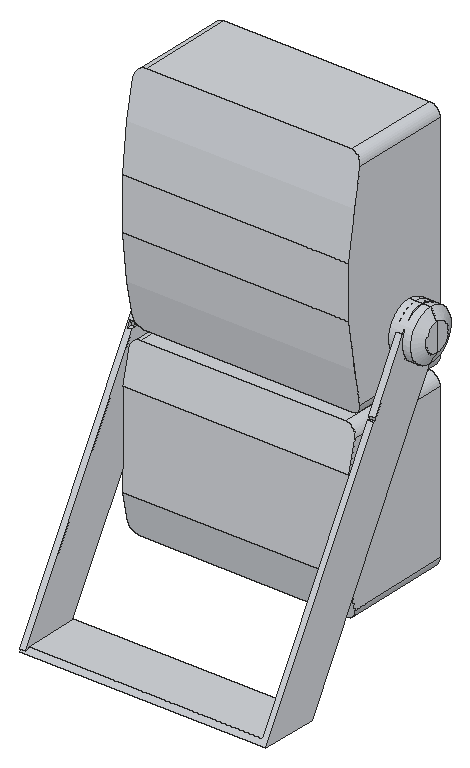
Revit family "Lighting-Floodlights-GEWISS-SMART[PRO]2.0-LED-MEDIUM-POWER_1MODULE_CLI", category Apparecchi per illuminazione, host Superficie, Revit 2019 (continued)
Types (46, lengths in mm): name | Voltage- | Versions | Unified Glare Rating | Typology | Technical sheet | Standard Deviation Colour Matching | Spostamento_x_effettivo | Spostamento_x | Regolazione inclinazione | Overvoltage resistance : | Optic : | Optic | Operating temperature: | Number of modules | Modello | Minimum distance from the illuminated object | Maximum surface exposed to the wind | Lumen output (lm) | Life Time L90B10 (Tq 50Â°C) : | Life Time L90B10 (Tq 40Â°C) | Life Time L90B10 (Tq 25Â°C) : | Life Time L80B10 (Tq 25Â°C) | Lamp- | LED current | IPEA | IDT | Flusso nominale | Efficiency (lm/W) | Descrizione | Colour temperature: | Colour temperature | Color Rendering Index | Catalogue Range
  GWP2174HS - SMART PRO 1M 4000K CRI70 TYPE C3 1-10V | "220 / 240 V - 50 / 60 Hz" | "4000K natural light" | "G*6 - ULOR = 0" | "Stand Alone - 1/10V" | "https://www.gewiss.com/ww/en/search?q=GWP2174HS" | "SDCM = 5" | 2938.794 | 1061.206 | "-120° ÷ + 120° Bracket" | "Common mode: 10KV; Differential mode: 6KV" | "Polished quartz and metallized PC HT reflector" | "C3 - Circular 20°" | "-30 +40 °C" | "1" | "GWP2174HS" | "1M" | "0,085M2" | "20500" | "" | "40000 H" | ">50000 H" | ">110000 H" | "LED" | "0,7 A" | "ROAD = A ++ // LARGE AREAS = A6 + // CYCLOPEDONALS = A3 + // GREEN AREAS = A3 + // HISTORICAL CENTER = A8 + // OTHER = A8 +" | "7705bac4f3f4416497bb4ba6fe69ea30" | "24000" | "124" | "SMART PRO 1M 4000K CRI70 TYPE C3 1-10V" | "4000 K (CRI>70)" | "4000K" | "CRI-70" | "SMART [PRO] 2.0"
  GWP2174LS - SMART PRO 1M 4000K CRI70 TYPE C2 1-10V | "220 / 240 V - 50 / 60 Hz" | "4000K natural light" | "G*6 - ULOR = 0" | "Stand Alone - 1/10V" | "https://www.gewiss.com/ww/en/search?q=GWP2174LS" | "SDCM = 5" | 2938.794 | 1061.206 | "-120° ÷ + 120° Bracket" | "Common mode: 10KV; Differential mode: 6KV" | "Polished quartz and metallized PC HT reflector" | "C2 - Circular 25°" | "-30 +40 °C" | "1" | "GWP2174LS" | "1M" | "0,085M2" | "20000" | "" | "40000 H" | ">50000 H" | ">110000 H" | "LED" | "0,7 A" | "ROAD = A ++ // LARGE AREAS = A5 + // CYCLOPEDONALS = A ++ // GREEN AREAS = A ++ // HISTORICAL CENTER = A7 + // OTHER = A7 +" | "0ad1eac7b311432d883da497278354cc" | "24000" | "121" | "SMART PRO 1M 4000K CRI70 TYPE C2 1-10V" | "4000 K (CRI>70)" | "4000K" | "CRI-70" | "SMART [PRO] 2.0"
  GWP2174MS - SMART PRO 1M 4000K CRI70 TYPE C1 1-10V | "220 / 240 V - 50 / 60 Hz" | "4000K natural light" | "G*6 - ULOR = 0" | "Stand Alone - 1/10V" | "https://www.gewiss.com/ww/en/search?q=GWP2174MS" | "SDCM = 5" | 2938.794 | 1061.206 | "-120° ÷ + 120° Bracket" | "Common mode: 10KV; Differential mode: 6KV" | "Polished quartz and metallized PC HT reflector" | "C1 - Circular 30°" | "-30 +40 °C" | "1" | "GWP2174MS" | "1M" | "0,085M2" | "20000" | "" | "40000 H" | ">50000 H" | ">110000 H" | "LED" | "0,7 A" | "ROAD = A ++ // LARGE AREAS = A5 + // CYCLOPEDONALS = A ++ // GREEN AREAS = A ++ // HISTORICAL CENTER = A7 + // OTHER = A7 +" | "729d9b534e0e4aacb05d5201ee75d054" | "24000" | "121" | "SMART PRO 1M 4000K CRI70 TYPE C1 1-10V" | "4000 K (CRI>70)" | "4000K" | "CRI-70" | "SMART [PRO] 2.0"
  GWP2175AS - SMART PRO 1M 5700K CRI70 TYPE S1 1-10V | "220 / 240 V - 50 / 60 Hz" | "5700K cold light" | "G*6 - ULOR = 0" | "Stand Alone - 1/10V" | "https://www.gewiss.com/ww/en/search?q=GWP2175AS" | "SDCM = 5" | 2938.794 | 1061.206 | "-120° ÷ + 120° Bracket" | "Common mode: 10KV; Differential mode: 6KV" | "Polished quartz and metallized PC HT reflector" | "S1 - Symmetric Wide" | "-30 +40 °C" | "1" | "GWP2175AS" | "1M" | "0,085M2" | "19600" | "" | "40000 H" | ">50000 H" | ">110000 H" | "LED" | "0,7 A" | "ROAD = A ++ // LARGE AREAS = A5 + // CYCLOPEDONALS = A ++ // GREEN AREAS = A ++ // HISTORICAL CENTER = A7 + // OTHER = A7 +" | "780930f90d754ad6b611934d0f8387bf" | "24000" | "119" | "SMART PRO 1M 5700K CRI70 TYPE S1 1-10V" | "5700 K (CRI>70)" | "5700K" | "CRI-70" | "SMART [PRO] 2.0"
  GWP2175BS - SMART PRO 1M 5700K CRI70 TYPE S2 1-10V | "220 / 240 V - 50 / 60 Hz" | "5700K cold light" | "G*6 - ULOR = 0" | "Stand Alone - 1/10V" | "https://www.gewiss.com/ww/en/search?q=GWP2175BS" | "SDCM = 5" | 2938.794 | 1061.206 | "-120° ÷ + 120° Bracket" | "Common mode: 10KV; Differential mode: 6KV" | "Polished anodised aluminum reflector with 99.99% pure aluminum" | "S2 - Symmetric Medium" | "-30 +40 °C" | "1" | "GWP2175BS" | "1M" | "0,085M2" | "20300" | "" | "40000 H" | ">50000 H" | ">110000 H" | "LED" | "0,7 A" | "ROAD = A ++ // LARGE AREAS = A6 + // CYCLOPEDONALS = A3 + // GREEN AREAS = A3 + // HISTORICAL CENTER = A7 + // OTHER = A7 +" | "ab3059496094474f875bd88c974dace3" | "24000" | "123" | "SMART PRO 1M 5700K CRI70 TYPE S2 1-10V" | "5700 K (CRI>70)" | "5700K" | "CRI-70" | "SMART [PRO] 2.0"
  GWP2175CS - SMART PRO 1M 5700K CRI70 TYPE A1 1-10V | "220 / 240 V - 50 / 60 Hz" | "5700K cold light" | "G*4 - ULOR = 0" | "Stand Alone - 1/10V" | "https://www.gewiss.com/ww/en/search?q=GWP2175CS" | "SDCM = 5" | 2938.794 | 1061.206 | "-120° ÷ + 120° Bracket" | "Common mode: 10KV; Differential mode: 6KV" | "Polished quartz and metallized PC HT reflector" | "A1 - Asymmetrical Wide" | "-30 +40 °C" | "1" | "GWP2175CS" | "1M" | "0,085M2" | "19100" | "" | "40000 H" | ">50000 H" | ">110000 H" | "LED" | "0,7 A" | "ROAD = A + // LARGE AREAS = A5 + // CYCLOPEDONALS = A ++ // GREEN AREAS = A ++ // HISTORICAL CENTER = A6 + // OTHER = A6 +" | "4dc4ad93e9c7498d9aeca5104be3769f" | "24000" | "116" | "SMART PRO 1M 5700K CRI70 TYPE A1 1-10V" | "5700 K (CRI>70)" | "5700K" | "CRI-70" | "SMART [PRO] 2.0"
  GWP2175FS - SMART PRO 1M 5700K CRI70 TYPE A2 1-10V | "220 / 240 V - 50 / 60 Hz" | "5700K cold light" | "G*3 - ULOR = 0" | "Stand Alone - 1/10V" | "https://www.gewiss.com/ww/en/search?q=GWP2175FS" | "SDCM = 5" | 2938.794 | 1061.206 | "-120° ÷ + 120° Bracket" | "Common mode: 10KV; Differential mode: 6KV" | "Polished anodised aluminum reflector with 99.99% pure aluminum" | "A2 - Asymmetrical Medium" | "-30 +40 °C" | "1" | "GWP2175FS" | "1M" | "0,085M2" | "16400" | "" | "40000 H" | ">50000 H" | ">110000 H" | "LED" | "0,7 A" | "ROAD = A // LARGE AREAS = A ++ // CYCLOPEDONALS = A // GREEN AREAS = A // HISTORICAL CENTER = A4 + // OTHER = A4 +" | "330db962b5c441c7a1fc8a0e432d3f52" | "24000" | "99" | "SMART PRO 1M 5700K CRI70 TYPE A2 1-10V" | "5700 K (CRI>70)" | "5700K" | "CRI-70" | "SMART [PRO] 2.0"
  GWP2175GS - SMART PRO 1M 5700K CRI70 TYPE C4 1-10V | "220 / 240 V - 50 / 60 Hz" | "5700K cold light" | "G*6 - ULOR = 0" | "Stand Alone - 1/10V" | "https://www.gewiss.com/ww/en/search?q=GWP2175GS" | "SDCM = 5" | 2938.794 | 1061.206 | "-120° ÷ + 120° Bracket" | "Common mode: 10KV; Differential mode: 6KV" | "Polished quartz and metallized PC HT reflector" | "C4 - Circular 15°" | "-30 +40 °C" | "1" | "GWP2175GS" | "1M" | "0,085M2" | "20500" | "" | "40000 H" | ">50000 H" | ">110000 H" | "LED" | "0,7 A" | "ROAD = A ++ // LARGE AREAS = A6 + // CYCLOPEDONALS = A3 + // GREEN AREAS = A3 + // HISTORICAL CENTER = A8 + // OTHER = A8 +" | "9aa32567f8364de48d3e14f2119a9cee" | "24000" | "124" | "SMART PRO 1M 5700K CRI70 TYPE C4 1-10V" | "5700 K (CRI>70)" | "5700K" | "CRI-70" | "SMART [PRO] 2.0"
  GWP2175HS - SMART PRO 1M 5700K CRI70 TYPE C3 1-10V | "220 / 240 V - 50 / 60 Hz" | "5700K cold light" | "G*6 - ULOR = 0" | "Stand Alone - 1/10V" | "https://www.gewiss.com/ww/en/search?q=GWP2175HS" | "SDCM = 5" | 2938.794 | 1061.206 | "-120° ÷ + 120° Bracket" | "Common mode: 10KV; Differential mode: 6KV" | "Polished quartz and metallized PC HT reflector" | "C3 - Circular 20°" | "-30 +40 °C" | "1" | "GWP2175HS" | "1M" | "0,085M2" | "20500" | "" | "40000 H" | ">50000 H" | ">110000 H" | "LED" | "0,7 A" | "ROAD = A ++ // LARGE AREAS = A6 + // CYCLOPEDONALS = A3 + // GREEN AREAS = A3 + // HISTORICAL CENTER = A8 + // OTHER = A8 +" | "dd9e76496a2c4243b3b89c067bebcde4" | "24000" | "124" | "SMART PRO 1M 5700K CRI70 TYPE C3 1-10V" | "5700 K (CRI>70)" | "5700K" | "CRI-70" | "SMART [PRO] 2.0"
  GWP2175LS - SMART PRO 1M 5700K CRI70 TYPE C2 1-10V | "220 / 240 V - 50 / 60 Hz" | "5700K cold light" | "G*6 - ULOR = 0" | "Stand Alone - 1/10V" | "https://www.gewiss.com/ww/en/search?q=GWP2175LS" | "SDCM = 5" | 2938.794 | 1061.206 | "-120° ÷ + 120° Bracket" | "Common mode: 10KV; Differential mode: 6KV" | "Polished quartz and metallized PC HT reflector" | "C2 - Circular 25°" | "-30 +40 °C" | "1" | "GWP2175LS" | "1M" | "0,085M2" | "20000" | "" | "40000 H" | ">50000 H" | ">110000 H" | "LED" | "0,7 A" | "ROAD = A ++ // LARGE AREAS = A5 + // CYCLOPEDONALS = A ++ // GREEN AREAS = A ++ // HISTORICAL CENTER = A7 + // OTHER = A7 +" | "e5e416db4ac64fcda03497278c01afaa" | "24000" | "121" | "SMART PRO 1M 5700K CRI70 TYPE C2 1-10V" | "5700 K (CRI>70)" | "5700K" | "CRI-70" | "SMART [PRO] 2.0"
  GWP2175MS - SMART PRO 1M 5700K CRI70 TYPE C1 1-10V | "220 / 240 V - 50 / 60 Hz" | "5700K cold light" | "G*6 - ULOR = 0" | "Stand Alone - 1/10V" | "https://www.gewiss.com/ww/en/search?q=GWP2175MS" | "SDCM = 5" | 2939 | 1061 | "-120° ÷ + 120° Bracket" | "Common mode: 10KV; Differential mode: 6KV" | "Polished quartz and metallized PC HT reflector" | "C1 - Circular 30°" | "-30 +40 °C" | "1" | "GWP2175MS" | "1M" | "0,085M2" | "20000" | "" | "40000 H" | ">50000 H" | ">110000 H" | "LED" | "0,7 A" | "ROAD = A ++ // LARGE AREAS = A5 + // CYCLOPEDONALS = A ++ // GREEN AREAS = A ++ // HISTORICAL CENTER = A7 + // OTHER = A7 +" | "81921acd85944d64b14f91977cfd80f8" | "24000" | "121" | "SMART PRO 1M 5700K CRI70 TYPE C1 1-10V" | "5700 K (CRI>70)" | "5700K" | "CRI-70" | "SMART [PRO] 2.0"
  GWP2173NS - SMARTPRO2.0 1M 3000K CRI70 A3 1-10V CL1 | "220 / 240 V - 50 / 60 Hz" | "3000K warm light" | "G*6 - ULOR = 0" | "Stand Alone - 1/10V" | "https://www.gewiss.com/ww/en/search?q=GWP2173NS" | "SDCM = 5" | 2938.794 | 1061.206 | "-120° ÷ + 120° Bracket" | "Common mode: 10KV; Differential mode: 6KV" | "Polished anodised aluminum reflector with 99.99% pure aluminum" | "A3 - Assymetric Narrow" | "-30 +40 °C" | "1" | "GWP2173NS" | "1M" | "0,085M2" | "17600" | "32000 H" | "" | ">40000 H" | ">90000 H" | "LED" | "0,7 A" | "ROAD = A // LARGE AREAS = A3 + // CYCLOPEDONALS = A + // GREEN AREAS = A + // HISTORICAL CENTER = A5 + // OTHER = A5 +" | "dc9ba24b3a2b406da501f2969d221a5c" | "23000" | "107" | "SMARTPRO2.0 1M 3000K CRI70 A3 1-10V CL1" | "3000 K (CRI>70)" | "3000K" | "CRI-70" | "SMART [PRO] 2.0"
  GWP2174NS - SMARTPRO2.0 1M 4000K CRI70 A3 1-10V CL1 | "220 / 240 V - 50 / 60 Hz" | "4000K natural light" | "G*6 - ULOR = 0" | "Stand Alone - 1/10V" | "https://www.gewiss.com/ww/en/search?q=GWP2174NS" | "SDCM = 5" | 2938.794 | 1061.206 | "-120° ÷ + 120° Bracket" | "Common mode: 10KV; Differential mode: 6KV" | "Polished anodised aluminum reflector with 99.99% pure aluminum" | "A3 - Assymetric Narrow" | "-30 +40 °C" | "1" | "GWP2174NS" | "1M" | "0,085M2" | "18800" | "32000 H" | "" | ">40000 H" | ">90000 H" | "LED" | "0,7 A" | "-" | "8e3035fe88074506a6a3caa6782437a1" | "24000" | "114" | "SMARTPRO2.0 1M 4000K CRI70 A3 1-10V CL1" | "4000 K (CRI>70)" | "4000K" | "CRI-70" | "SMART [PRO] 2.0"
  GWP2175NS - SMARTPRO2.0 1M 5700K CRI70 A3 1-10V CL1 | "220 / 240 V - 50 / 60 Hz" | "5700K cold light" | "G*6 - ULOR = 0" | "Stand Alone - 1/10V" | "https://www.gewiss.com/ww/en/search?q=GWP2175NS" | "SDCM = 5" | 2939 | 1061 | "-120° ÷ + 120° Bracket" | "Common mode: 10KV; Differential mode: 6KV" | "Polished anodised aluminum reflector with 99.99% pure aluminum" | "A3 - Assymetric Narrow" | "-30 +40 °C" | "1" | "GWP2175NS" | "1M" | "0,085M2" | "18800" | "32000 H" | "" | ">40000 H" | ">90000 H" | "LED" | "0,7 A" | "-" | "b2f8be9d2a0c4d1f8060cba02fb7bc08" | "24000" | "114" | "SMARTPRO2.0 1M 5700K CRI70 A3 1-10V CL1" | "5700 K (CRI>70)" | "5700K" | "CRI-70" | "SMART [PRO] 2.0"
  GWP2184AS - SMARTPRO2.0 1M 4000K CRI80 S1 1-10V CL1 | "" | "4000K natural light" | "G*6 - ULOR = 0" | "" | "https://www.gewiss.com/ww/en/search?q=GWP2184AS" | "SDCM = 3" | 2938.794 | 1061.206 | "" | "" | "Polished quartz and metallized PC HT reflector" | "S1 - Symmetric Wide" | "" | "" | "GWP2184AS" | "" | "" | "18300" | "" | "" | "" | "" | "" | "" | "-" | "cea1fee677b24c99a2f8d3bd2aa19550" | "" | "111" | "SMARTPRO2.0 1M 4000K CRI80 S1 1-10V CL1" | "" | "4000K" | "CRI-80" | ""
  GWP2184BS - SMARTPRO2.0 1M 4000K CRI80 S2 1-10V CL1 | "" | "4000K natural light" | "G*6 - ULOR = 0" | "" | "https://www.gewiss.com/ww/en/search?q=GWP2184BS" | "SDCM = 3" | 2938.794 | 1061.206 | "" | "" | "Polished anodised aluminum reflector with 99.99% pure aluminum" | "S2 - Symmetric Medium" | "" | "" | "GWP2184BS" | "" | "" | "19000" | "" | "" | "" | "" | "" | "" | "ROAD = A + // LARGE AREAS = A5 + // CYCLOPEDONALS = A ++ // GREEN AREAS = A ++ // HISTORICAL CENTER = A6 + // OTHER = A6 +" | "f1f3b5ae44f342968d919fc78b7e43f0" | "" | "115" | "SMARTPRO2.0 1M 4000K CRI80 S2 1-10V CL1" | "" | "4000K" | "CRI-80" | ""
  GWP2184CS - SMARTPRO2.0 1M 4000K CRI80 A1 1-10V CL1 | "" | "4000K natural light" | "G*4 - ULOR = 0" | "" | "https://www.gewiss.com/ww/en/search?q=GWP2184CS" | "SDCM = 3" | 2938.794 | 1061.206 | "" | "" | "Polished quartz and metallized PC HT reflector" | "A1 - Asymmetrical Wide" | "" | "" | "GWP2184CS" | "" | "" | "17800" | "" | "" | "" | "" | "" | "" | "ROAD = A + // LARGE AREAS = A3 + // CYCLOPEDONALS = A + // GREEN AREAS = A + // HISTORICAL CENTER = A5 + // OTHER = A5 +" | "6bf4dbfe39914174a725bc785b73c0ef" | "" | "108" | "SMARTPRO2.0 1M 4000K CRI80 A1 1-10V CL1" | "" | "4000K" | "CRI-80" | ""
  GWP2184FS - SMARTPRO2.0 1M 4000K CRI80 A2 1-10V CL1 | "" | "4000K natural light" | "G*3 - ULOR = 0" | "" | "https://www.gewiss.com/ww/en/search?q=GWP2184FS" | "SDCM = 3" | 2938.794 | 1061.206 | "" | "" | "Polished anodised aluminum reflector with 99.99% pure aluminum" | "A2 - Asymmetrical Medium" | "" | "" | "GWP2184FS" | "" | "" | "15300" | "" | "" | "" | "" | "" | "" | "ROAD = B // LARGE AREAS = A + // CYCLOPEDONALS = B // GREEN AREAS = B // HISTORICAL CENTER = A3 + // OTHER = A3 +" | "aa4c17c4175d4410a7eb1aa3bf474c62" | "" | "93" | "SMARTPRO2.0 1M 4000K CRI80 A2 1-10V CL1" | "" | "4000K" | "CRI-80" | ""
  GWP2184GS - SMARTPRO2.0 1M 4000K CRI80 C4 1-10V CL1 | "" | "4000K natural light" | "G*6 - ULOR = 0" | "" | "https://www.gewiss.com/ww/en/search?q=GWP2184GS" | "SDCM = 3" | 2938.794 | 1061.206 | "" | "" | "Polished quartz and metallized PC HT reflector" | "C4 - Circular 15°" | "" | "" | "GWP2184GS" | "" | "" | "19100" | "" | "" | "" | "" | "" | "" | "ROAD = A + // LARGE AREAS = A5 + // CYCLOPEDONALS = A ++ // GREEN AREAS = A ++ // HISTORICAL CENTER = A6 + // OTHER = A6 +" | "128d8783353744d2b0895af674835ef3" | "" | "116" | "SMARTPRO2.0 1M 4000K CRI80 C4 1-10V CL1" | "" | "4000K" | "CRI-80" | ""
  GWP2184HS - SMARTPRO2.0 1M 4000K CRI80 C3 1-10V CL1 | "" | "4000K natural light" | "G*6 - ULOR = 0" | "" | "https://www.gewiss.com/ww/en/search?q=GWP2184HS" | "SDCM = 3" | 2938.794 | 1061.206 | "" | "" | "Polished quartz and metallized PC HT reflector" | "C3 - Circular 20°" | "" | "" | "GWP2184HS" | "" | "" | "19100" | "" | "" | "" | "" | "" | "" | "ROAD = A + // LARGE AREAS = A5 + // CYCLOPEDONALS = A ++ // GREEN AREAS = A ++ // HISTORICAL CENTER = A6 + // OTHER = A6 +" | "23373953fd2c4660b3e16d3601165f1c" | "" | "116" | "SMARTPRO2.0 1M 4000K CRI80 C3 1-10V CL1" | "" | "4000K" | "CRI-80" | ""
  GWP2184LS - SMARTPRO2.0 1M 4000K CRI80 C2 1-10V CL1 | "" | "4000K natural light" | "G*6 - ULOR = 0" | "" | "https://www.gewiss.com/ww/en/search?q=GWP2184LS" | "SDCM = 3" | 2938.794 | 1061.206 | "" | "" | "Polished quartz and metallized PC HT reflector" | "C2 - Circular 25°" | "" | "" | "GWP2184LS" | "" | "" | "18700" | "" | "" | "" | "" | "" | "" | "-" | "f77445d55432439abe1cb9501a3cdc7a" | "" | "113" | "SMARTPRO2.0 1M 4000K CRI80 C2 1-10V CL1" | "" | "4000K" | "CRI-80" | ""
  GWP2184MS - SMARTPRO2.0 1M 4000K CRI80 C1 1-10V CL1 | "" | "4000K natural light" | "G*6 - ULOR = 0" | "" | "https://www.gewiss.com/ww/en/search?q=GWP2184MS" | "SDCM = 3" | 2938.794 | 1061.206 | "" | "" | "Polished quartz and metallized PC HT reflector" | "C1 - Circular 30°" | "" | "" | "GWP2184MS" | "" | "" | "18700" | "" | "" | "" | "" | "" | "" | "-" | "d0971237e8404990aa256d2474729273" | "" | "113" | "SMARTPRO2.0 1M 4000K CRI80 C1 1-10V CL1" | "" | "4000K" | "CRI-80" | ""
  GWP2184NS - SMARTPRO2.0 1M 4000K CRI80 A3 1-10V CL1 | "" | "4000K natural light" | "G*6 - ULOR = 0" | "" | "https://www.gewiss.com/ww/en/search?q=GWP2184NS" | "SDCM = 3" | 2938.794 | 1061.206 | "" | "" | "Polished anodised aluminum reflector with 99.99% pure aluminum" | "A3 - Assymetric Narrow" | "" | "" | "GWP2184NS" | "" | "" | "17600" | "" | "" | "" | "" | "" | "" | "ROAD = A // LARGE AREAS = A3 + // CYCLOPEDONALS = A + // GREEN AREAS = A + // HISTORICAL CENTER = A5 + // OTHER = A5 +" | "40498cc17b8148d1a9048c3d6ad2cf2b" | "" | "107" | "SMARTPRO2.0 1M 4000K CRI80 A3 1-10V CL1" | "" | "4000K" | "CRI-80" | ""
  GWP2185AS - SMARTPRO2.0 1M 5700K CRI80 S1 1-10V CL1 | "" | "5700K cold light" | "G*6 - ULOR = 0" | "" | "https://www.gewiss.com/ww/en/search?q=GWP2185AS" | "SDCM = 3" | 2938.794 | 1061.206 | "" | "" | "Polished quartz and metallized PC HT reflector" | "S1 - Symmetric Wide" | "" | "" | "GWP2185AS" | "" | "" | "18300" | "" | "" | "" | "" | "" | "" | "-" | "dceee40f612242d0ac91b267d7c2f13d" | "" | "111" | "SMARTPRO2.0 1M 5700K CRI80 S1 1-10V CL1" | "" | "5700K" | "CRI-80" | ""
  GWP2185BS - SMARTPRO2.0 1M 5700K CRI80 S2 1-10V CL1 | "" | "5700K cold light" | "G*6 - ULOR = 0" | "" | "https://www.gewiss.com/ww/en/search?q=GWP2185BS" | "SDCM = 3" | 2938.794 | 1061.206 | "" | "" | "Polished anodised aluminum reflector with 99.99% pure aluminum" | "S2 - Symmetric Medium" | "" | "" | "GWP2185BS" | "" | "" | "19000" | "" | "" | "" | "" | "" | "" | "ROAD = A + // LARGE AREAS = A5 + // CYCLOPEDONALS = A ++ // GREEN AREAS = A ++ // HISTORICAL CENTER = A6 + // OTHER = A6 +" | "8267ddeb4d254c4aba56831a96b66e87" | "" | "115" | "SMARTPRO2.0 1M 5700K CRI80 S2 1-10V CL1" | "" | "5700K" | "CRI-80" | ""
  GWP2185CS - SMARTPRO2.0 1M 5700K CRI80 A1 1-10V CL1 | "" | "5700K cold light" | "G*4 - ULOR = 0" | "" | "https://www.gewiss.com/ww/en/search?q=GWP2185CS" | "SDCM = 3" | 2938.794 | 1061.206 | "" | "" | "Polished quartz and metallized PC HT reflector" | "A1 - Asymmetrical Wide" | "" | "" | "GWP2185CS" | "" | "" | "17800" | "" | "" | "" | "" | "" | "" | "ROAD = A + // LARGE AREAS = A3 + // CYCLOPEDONALS = A + // GREEN AREAS = A + // HISTORICAL CENTER = A5 + // OTHER = A5 +" | "57fd46ea0539412da36121059cbad166" | "" | "108" | "SMARTPRO2.0 1M 5700K CRI80 A1 1-10V CL1" | "" | "5700K" | "CRI-80" | ""
  GWP2185FS - SMARTPRO2.0 1M 5700K CRI80 A2 1-10V CL1 | "" | "5700K cold light" | "G*3 - ULOR = 0" | "" | "https://www.gewiss.com/ww/en/search?q=GWP2185FS" | "SDCM = 3" | 2938.794 | 1061.206 | "" | "" | "Polished anodised aluminum reflector with 99.99% pure aluminum" | "A2 - Asymmetrical Medium" | "" | "" | "GWP2185FS" | "" | "" | "15300" | "" | "" | "" | "" | "" | "" | "ROAD = B // LARGE AREAS = A + // CYCLOPEDONALS = B // GREEN AREAS = B // HISTORICAL CENTER = A3 + // OTHER = A3 +" | "9600d358398c46ce97f8eb6d9cd8e898" | "" | "93" | "SMARTPRO2.0 1M 5700K CRI80 A2 1-10V CL1" | "" | "5700K" | "CRI-80" | ""
  GWP2185GS - SMARTPRO2.0 1M 5700K CRI80 C4 1-10V CL1 | "" | "5700K cold light" | "G*6 - ULOR = 0" | "" | "https://www.gewiss.com/ww/en/search?q=GWP2185GS" | "SDCM = 3" | 2938.794 | 1061.206 | "" | "" | "Polished quartz and metallized PC HT reflector" | "C4 - Circular 15°" | "" | "" | "GWP2185GS" | "" | "" | "19100" | "" | "" | "" | "" | "" | "" | "ROAD = A + // LARGE AREAS = A5 + // CYCLOPEDONALS = A ++ // GREEN AREAS = A ++ // HISTORICAL CENTER = A6 + // OTHER = A6 +" | "8517023cfa87437ab4095c1440d7e582" | "" | "116" | "SMARTPRO2.0 1M 5700K CRI80 C4 1-10V CL1" | "" | "5700K" | "CRI-80" | ""
  GWP2185HS - SMARTPRO2.0 1M 5700K CRI80 C3 1-10V CL1 | "" | "5700K cold light" | "G*6 - ULOR = 0" | "" | "https://www.gewiss.com/ww/en/search?q=GWP2185HS" | "SDCM = 3" | 2938.794 | 1061.206 | "" | "" | "Polished quartz and metallized PC HT reflector" | "C3 - Circular 20°" | "" | "" | "GWP2185HS" | "" | "" | "19100" | "" | "" | "" | "" | "" | "" | "ROAD = A + // LARGE AREAS = A5 + // CYCLOPEDONALS = A ++ // GREEN AREAS = A ++ // HISTORICAL CENTER = A6 + // OTHER = A6 +" | "a1a2a0386ddc4e4d8e2636e2e02f9a74" | "" | "116" | "SMARTPRO2.0 1M 5700K CRI80 C3 1-10V CL1" | "" | "5700K" | "CRI-80" | ""
  GWP2185LS - SMARTPRO2.0 1M 5700K CRI80 C2 1-10V CL1 | "" | "5700K cold light" | "G*6 - ULOR = 0" | "" | "https://www.gewiss.com/ww/en/search?q=GWP2185LS" | "SDCM = 3" | 2938.794 | 1061.206 | "" | "" | "Polished quartz and metallized PC HT reflector" | "C2 - Circular 25°" | "" | "" | "GWP2185LS" | "" | "" | "18700" | "" | "" | "" | "" | "" | "" | "-" | "582d543381e844c3af8d4f1a7f0b7481" | "" | "113" | "SMARTPRO2.0 1M 5700K CRI80 C2 1-10V CL1" | "" | "5700K" | "CRI-80" | ""
  GWP2185MS - SMARTPRO2.0 1M 5700K CRI80 C1 1-10V CL1 | "" | "5700K cold light" | "G*6 - ULOR = 0" | "" | "https://www.gewiss.com/ww/en/search?q=GWP2185MS" | "SDCM = 3" | 2938.794 | 1061.206 | "" | "" | "Polished quartz and metallized PC HT reflector" | "C1 - Circular 30°" | "" | "" | "GWP2185MS" | "" | "" | "18700" | "" | "" | "" | "" | "" | "" | "-" | "8a64c40c0df64010a48f712ee0df72c7" | "" | "113" | "SMARTPRO2.0 1M 5700K CRI80 C1 1-10V CL1" | "" | "5700K" | "CRI-80" | ""
  GWP2185NS - SMARTPRO2.0 1M 5700K CRI80 A3 1-10V CL1 | "" | "5700K cold light" | "G*6 - ULOR = 0" | "" | "https://www.gewiss.com/ww/en/search?q=GWP2185NS" | "SDCM = 3" | 2938.794 | 1061.206 | "" | "" | "Polished anodised aluminum reflector with 99.99% pure aluminum" | "A3 - Assymetric Narrow" | "" | "" | "GWP2185NS" | "" | "" | "17600" | "" | "" | "" | "" | "" | "" | "ROAD = A // LARGE AREAS = A3 + // CYCLOPEDONALS = A + // GREEN AREAS = A + // HISTORICAL CENTER = A5 + // OTHER = A5 +" | "e1d71c87574d4cdbb5424318827b01ba" | "" | "107" | "SMARTPRO2.0 1M 5700K CRI80 A3 1-10V CL1" | "" | "5700K" | "CRI-80" | ""
